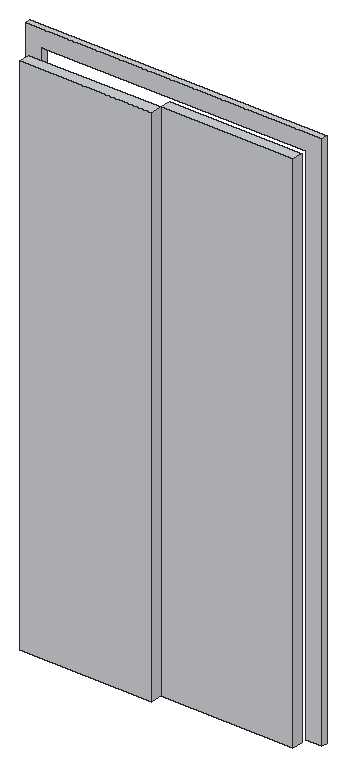
Revit family "ElevatorDoor", category Doors, host Wall, Revit 2025
Family settings
  Host = Wall
  OmniClass Number = 23.30.10.00
  OmniClass Title = Doors
  Always vertical = Yes
  Cut with Voids When Loaded = No
  Shared = No
  Room Calculation Point = No
Parameters (values of type "ElevatorDoor")
  Function = Interior
  Frame Projection Ext. = 0' - 1"
  Frame Projection Int. = 0' - 1"
  Frame Width = 0' - 3"
  Height = 8' - 0"
  Wall Closure = By host
  Width = 4' - 0"
  Define Thermal Properties by = Schematic Type
  Analytic Construction = "<None>"
Types (4): name | Width
  ElevatorDoor | 4' - 0"
  ElevatorDoor - 4' | 4' - 0"
  ElevatorDoor - 6' | 6' - 0"
  ElevatorDoor - 5' | 5' - 0"
Reference planes (in)
  plane 1 "Center (Front/Back)": y = 0
  plane 2 "Center (Left/Right)": x = 0
  plane 3 "Left": x = -24
  plane 4 "Right": x = 24
  plane 5 "Top": z = 96
  plane 6 "Exterior": y = 3
  plane 7 "Interior": y = -3
Forms (in)
  Extrusion 1, solid
    sketch origin (-90, 3, 0) x (-1, 0, 0) y (0, 0, 1)
      loop
        line (-114, 96) -> (-66, 96) -> (-66, 0) -> (-63, 0) -> (-63, 99) -> (-117, 99) -> (-117, 0) -> (-114, 0) -> (-114, 96)
    from 0 to 1
  Extrusion 2, solid
    sketch origin (0, 0, 0) x (1, 0, 0) y (0, 1, 0)
      loop
        line (-24, 0) -> (-24, -2) -> (0, -2) -> (0, 0) -> (-24, 0)
    from 0 to 96 <- "Height"
  Extrusion 3, solid
    sketch origin (0, 2, 0) x (-1, 0, 0) y (0, -1, 0)
      loop
        line (-24, 0) -> (0, 0) -> (0, 2) -> (-24, 2) -> (-24, 0)
    from 0 to 96 <- "Height"
Lines and regions (in)
  Opening 1
    outline origin (-90, -3, 0) x (1, 0, 0) y (0, 0, 1)
      loop
        line (66, 0) -> (114, 0) -> (114, 96) -> (66, 96) -> (66, 0)
  symbolic lines, style "Elevation Swing"
    curve 1: line (-5, 3, 48) -> (-18.25, 3, 48)
    curve 2: line (-18.25, 3, 48) -> (-16.09636, 3, 48.65142)
    curve 3: line (5, 3, 42) -> (18.25, 3, 42)
    curve 4: line (18.25, 3, 42) -> (16.09636, 3, 42.65142)
Text (in)
  text "Exterior" at (-74.96733, 27.31104, 0), in view "Ref. Level"
  text "Interior" at (-74.96733, -25.14366, 0), in view "Ref. Level"
  text "Exterior" at (0, 40.15149, 123.01588), in view "Right"
  text "Interior" at (0, -64.39139, 123.01588), in view "Right"
  text "Interior" at (0, -31.01599, 123.00693), in view "Left"
  text "Exterior" at (0, 54.57065, 123.00693), in view "Left"
Dimensions and locks (in)
  equal spacing: plane 3 "Left", plane 2 "Center (Left/Right)", plane 4 "Right"
  "Height": level to plane 5 "Top"
  "Width": plane 3 "Left" to plane 4 "Right"
  "Frame Width": Extrusion 1 sketch curve to Extrusion 1 sketch curve  (x2)
  "Frame Width": Extrusion 1 sketch curve to plane 5 "Top"
  equal spacing: host wall, curve 2, plane 5 "Top"
  "Frame Projection Ext.": Extrusion 1 to host wall
  locked: host wall to Extrusion 2 sketch curve at 2
  aligned and locked: plane 3 "Left" to Opening 1 sketch curve
  aligned and locked: plane 5 "Top" to Opening 1 sketch curve  (x2)
  aligned and locked: Opening 1 sketch curve to plane 4 "Right"
  aligned and locked: Opening 1 sketch curve to level
  aligned and locked: plane 5 "Top" to Extrusion 1 sketch curve  (x2)
  aligned and locked: plane 3 "Left" to Extrusion 1 sketch curve
  aligned and locked: Extrusion 1 sketch curve to plane 3 "Left"
  aligned and locked: level to Extrusion 1 sketch curve
  aligned and locked: plane 4 "Right" to Extrusion 1 sketch curve
  aligned and locked: Extrusion 1 to host wall
  aligned and locked: plane 6 "Exterior" to host wall
  aligned and locked: plane 7 "Interior" to host wall
  aligned and locked: Extrusion 2 sketch curve to plane 2 "Center (Left/Right)"
  aligned and locked: Extrusion 2 sketch curve to plane 3 "Left"
  aligned and locked: host wall to Extrusion 2 sketch curve
  aligned and locked: Extrusion 2 to plane 5 "Top"
  aligned and locked: Extrusion 3 sketch curve to plane 4 "Right"
  aligned and locked: Extrusion 3 sketch curve to plane 2 "Center (Left/Right)"
  aligned and locked: host wall to Extrusion 3 sketch curve
  aligned and locked: plane 2 "Center (Left/Right)" to nested 1
  aligned and locked: plane 6 "Exterior" to nested 1
Automatic sketch dimensions
  Extrusion 1 sketch curve to level = 0' - 0"
  Extrusion 3 sketch curve to host wall = 0' - 2"
  curve 1 to plane 3 "Left" = 0' - 5 3/4"
  curve 2 to plane 3 "Left" = 0' - 7.90364"
  curve 2 to curve 1 = 0' - 0.65142"
  curve 1 to plane 2 "Center (Left/Right)" = 0' - 5"
  plane 4 "Right" to curve 3 = 0' - 5 3/4"
  level to curve 3 = 3' - 6"
  curve 3 to curve 4 = 0' - 2.15364"
  plane 2 "Center (Left/Right)" to curve 3 = 0' - 5"
  curve 3 to curve 4 = 0' - 0.65142"
Nested families (in)
  nested 1: "EntryTriangle" at (0, 3, 0), type "EntryTriangle"
Definition of nested family "EntryTriangle"
  Reference planes (in)
    plane 1: y = 0
    plane 2: x = 0
  Lines and regions (in)
    Filled region 1, type "S_Black_OPQ"
      outline origin (0, 0, 0) x (1, 0, 0) y (0, 1, 0)
        loop
          line (0, 0.0164) -> (0.02172, 0.05402) -> (-0.02172, 0.05402) -> (0, 0.0164)
